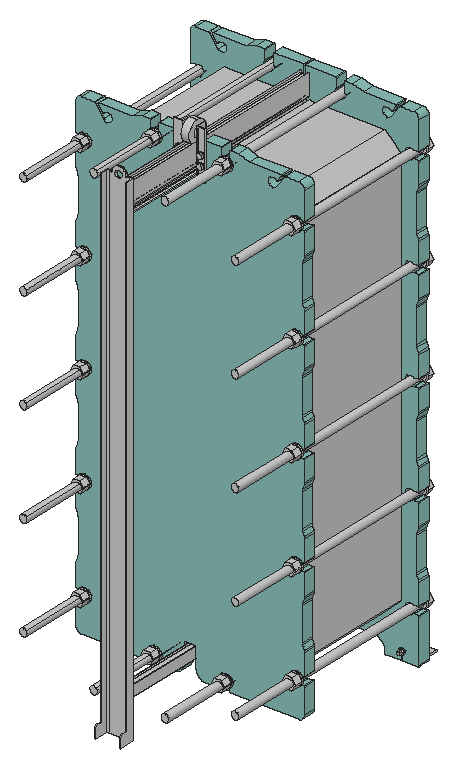
Revit family "MIT 5180 - Heat Exchanger", category Specialty Equipment, Revit 2022 (continued)
Automatic sketch dimensions
  Extrusion 31 sketch curve to Extrusion 31 sketch curve = 13.826 mm  (x3)
  plane 3 "Center (Left/Right)" to Extrusion 31 sketch curve = 20.25 mm
  Extrusion 31 sketch curve to Extrusion 31 sketch curve = 17.844 mm  (x4)
  Extrusion 31 sketch curve to Extrusion 31 sketch curve = 2.982 mm  (x4)
  Extrusion 31 sketch curve to Extrusion 31 sketch curve = 7.25 mm  (x4)
  Extrusion 31 sketch curve to Extrusion 31 sketch curve = 4.452 mm  (x4)
  plane 3 "Center (Left/Right)" to Extrusion 31 sketch curve = 298.00 mm  (x2)
  Extrusion 31 sketch curve to Extrusion 31 sketch curve = 119.50 mm  (x4)
  plane 11 "12" to Extrusion 31 sketch curve = 122.50 mm  (x2)
  Extrusion 31 sketch curve to Extrusion 31 sketch curve = 80.00 mm  (x3)
  Extrusion 31 sketch curve to plane 3 "Center (Left/Right)" = 6.424 mm  (x2)
  Extrusion 31 sketch curve to plane 3 "Center (Left/Right)" = 298.00 mm  (x2)
  level to Extrusion 31 sketch curve = 400.00 mm  (x2)
  Extrusion 31 sketch curve to Extrusion 31 sketch curve = 122.50 mm  (x2)
  Extrusion 31 sketch curve to Extrusion 31 sketch curve = 165.00 mm
  Extrusion 31 sketch curve to Extrusion 31 sketch curve = 3.225 mm  (x4)
  Extrusion 31 sketch curve to Extrusion 31 sketch curve = 5.775 mm  (x4)
  Extrusion 31 sketch curve to Extrusion 31 sketch curve = 12.439 mm  (x2)
  Extrusion 31 sketch curve to Extrusion 31 sketch curve = 10.764 mm  (x4)
  Extrusion 31 sketch curve to Extrusion 31 sketch curve = 8.00 mm  (x4)
  Extrusion 31 sketch curve to Extrusion 31 sketch curve = 5.00 mm  (x3)
  plane 11 "12" to Extrusion 31 sketch curve = 165.00 mm
  plane 3 "Center (Left/Right)" to Extrusion 31 sketch curve = 133.00 mm  (x2)
  Extrusion 31 sketch curve to plane 3 "Center (Left/Right)" = 133.00 mm  (x2)
  Extrusion 32 sketch curve to Extrusion 32 sketch curve = 0.00 mm  (x3)
  Extrusion 11 to Extrusion 32 sketch curve = 15.00 mm  (x2)
  Extrusion 32 sketch curve to Extrusion 11 = 17.00 mm
  Extrusion 32 sketch curve to Extrusion 32 sketch curve = 35.50 mm
  Extrusion 11 to Extrusion 32 sketch curve = 36.70 mm
  Extrusion 32 sketch curve to Extrusion 32 sketch curve = 1.50 mm
  Extrusion 32 sketch curve to Extrusion 11 = 29.80 mm
  Extrusion 32 sketch curve to Extrusion 32 sketch curve = 15.50 mm
  Extrusion 11 to Extrusion 33 sketch curve = 0.00 mm
  Extrusion 33 sketch curve to Extrusion 11 = 0.00 mm
  Extrusion 33 sketch curve to Extrusion 33 sketch curve = 15.00 mm
  Extrusion 33 sketch curve to Extrusion 33 sketch curve = 35.00 mm
  Extrusion 11 to Extrusion 33 sketch curve = 60.00 mm
  Extrusion 34 sketch curve to Extrusion 34 sketch curve = 0.00 mm  (x4)
  level to Extrusion 34 sketch curve = 45.00 mm  (x2)
  plane 5 to Extrusion 34 sketch curve = 495.00 mm
  plane 3 "Center (Left/Right)" to Extrusion 34 sketch curve = 505.00 mm
  Extrusion 34 sketch curve to Extrusion 34 sketch curve = 5.465 mm  (x4)
  Extrusion 34 sketch curve to Extrusion 34 sketch curve = 13.969 mm  (x2)
  Extrusion 36 sketch curve to Extrusion 36 sketch curve = 0.00 mm  (x29)
  Extrusion 36 sketch curve to level = 0.00 mm  (x2)
  Extrusion 36 sketch curve to plane 11 "12" = 0.00 mm  (x2)
  Extrusion 36 sketch curve to plane 3 "Center (Left/Right)" = 0.00 mm  (x4)
  Extrusion 36 sketch curve to plane 3 "Center (Left/Right)" = 185.00 mm  (x2)
  Extrusion 36 sketch curve to Extrusion 36 sketch curve = 65.00 mm  (x2)
  Extrusion 36 sketch curve to plane 3 "Center (Left/Right)" = 298.00 mm  (x2)
  Extrusion 36 sketch curve to Extrusion 36 sketch curve = 54.95 mm  (x2)
  level to Extrusion 36 sketch curve = 75.00 mm
  Extrusion 36 sketch curve to Extrusion 36 sketch curve = 192.50 mm  (x2)
  Extrusion 36 sketch curve to Extrusion 36 sketch curve = 37.50 mm  (x4)
  Extrusion 36 sketch curve to Extrusion 36 sketch curve = 125.05 mm  (x2)
  level to Extrusion 36 sketch curve = 45.00 mm  (x2)
  Extrusion 36 sketch curve to Extrusion 36 sketch curve = 90.00 mm  (x3)
  plane 5 to Extrusion 36 sketch curve = 449.00 mm  (x3)
  Extrusion 36 sketch curve to Extrusion 36 sketch curve = 121.00 mm  (x2)
  Extrusion 36 sketch curve to Extrusion 36 sketch curve = 46.00 mm  (x2)
  Extrusion 36 sketch curve to Extrusion 36 sketch curve = 135.00 mm  (x2)
  plane 3 "Center (Left/Right)" to Extrusion 36 sketch curve = 185.00 mm  (x2)
  plane 3 "Center (Left/Right)" to Extrusion 36 sketch curve = 298.00 mm  (x2)
  Extrusion 36 sketch curve to Extrusion 36 sketch curve = 253.00 mm  (x2)
  Extrusion 36 sketch curve to Extrusion 36 sketch curve = 30.00 mm
  level to Extrusion 36 sketch curve = 120.00 mm  (x2)
  level to Extrusion 36 sketch curve = 139.00 mm
  Extrusion 36 sketch curve to Extrusion 36 sketch curve = 60.00 mm  (x2)
  Extrusion 36 sketch curve to Extrusion 36 sketch curve = 216.00 mm  (x2)
  Extrusion 36 sketch curve to Extrusion 36 sketch curve = 139.00 mm  (x2)
  Extrusion 36 sketch curve to Extrusion 36 sketch curve = 391.00 mm  (x2)
  Extrusion 36 sketch curve to Extrusion 36 sketch curve = 530.00 mm  (x2)
  Extrusion 36 sketch curve to plane 11 "12" = 391.00 mm  (x2)
  plane 11 "12" to Extrusion 36 sketch curve = 139.00 mm  (x2)
  plane 11 "12" to Extrusion 36 sketch curve = 236.00 mm
  Extrusion 36 sketch curve to Extrusion 36 sketch curve = 52.00 mm  (x2)
  Extrusion 36 sketch curve to Extrusion 36 sketch curve = 149.00 mm  (x2)
  Extrusion 36 sketch curve to Extrusion 36 sketch curve = 20.00 mm  (x3)
  plane 11 "12" to Extrusion 36 sketch curve = 75.921 mm  (x2)
  Extrusion 36 sketch curve to plane 3 "Center (Left/Right)" = 158.297 mm  (x2)
  Extrusion 36 sketch curve to Extrusion 36 sketch curve = 113.297 mm  (x2)
  Extrusion 36 sketch curve to plane 11 "12" = 75.921 mm  (x2)
  Extrusion 36 sketch curve to Extrusion 36 sketch curve = 27.50 mm  (x10)
  plane 3 "Center (Left/Right)" to Extrusion 36 sketch curve = 158.297 mm  (x2)
  Extrusion 36 sketch curve to Extrusion 36 sketch curve = 63.079 mm  (x2)
  Extrusion 37 sketch curve to plane 4 = 565.00 mm
  Extrusion 37 sketch curve to Extrusion 37 sketch curve = 30.00 mm  (x3)
  Extrusion 37 sketch curve to Extrusion 37 sketch curve = 14.00 mm  (x3)
  Extrusion 37 sketch curve to Extrusion 37 sketch curve = 0.00 mm  (x5)
  Extrusion 37 sketch curve to Extrusion 37 sketch curve = 135.00 mm  (x2)
  Extrusion 37 sketch curve to Extrusion 37 sketch curve = 125.05 mm  (x2)
  Extrusion 37 sketch curve to Extrusion 37 sketch curve = 54.95 mm  (x2)
  plane 3 "Center (Left/Right)" to Extrusion 37 sketch curve = 185.00 mm
  Extrusion 37 sketch curve to Extrusion 37 sketch curve = 65.00 mm  (x2)
  plane 3 "Center (Left/Right)" to Extrusion 37 sketch curve = 75.00 mm
  Extrusion 37 sketch curve to Extrusion 37 sketch curve = 17.25 mm
  Extrusion 37 sketch curve to Extrusion 37 sketch curve = 16.75 mm  (x2)
  plane 3 "Center (Left/Right)" to Extrusion 37 sketch curve = 30.00 mm
  Extrusion 37 sketch curve to plane 3 "Center (Left/Right)" = 30.00 mm
  Extrusion 37 sketch curve to plane 3 "Center (Left/Right)" = 41.00 mm
  Extrusion 37 sketch curve to Extrusion 37 sketch curve = 34.00 mm
  Extrusion 37 sketch curve to Extrusion 37 sketch curve = 155.00 mm  (x2)
  Extrusion 37 sketch curve to Extrusion 37 sketch curve = 110.00 mm
  plane 5 to Extrusion 37 sketch curve = 449.00 mm  (x3)
  Extrusion 37 sketch curve to Extrusion 37 sketch curve = 366.00 mm
  Extrusion 37 sketch curve to Extrusion 37 sketch curve = 121.00 mm
  level to Extrusion 37 sketch curve = 75.00 mm  (x2)
  level to Extrusion 37 sketch curve = 120.00 mm  (x2)
  Extrusion 37 sketch curve to Extrusion 37 sketch curve = 156.00 mm  (x2)
  Extrusion 37 sketch curve to Extrusion 37 sketch curve = 530.00 mm  (x4)
  Extrusion 37 sketch curve to plane 11 "12" = 391.00 mm  (x2)
  plane 11 "12" to Extrusion 37 sketch curve = 139.00 mm  (x2)
  plane 11 "12" to Extrusion 37 sketch curve = 158.00 mm
  Extrusion 37 sketch curve to Extrusion 37 sketch curve = 77.20 mm  (x2)
  Extrusion 37 sketch curve to Extrusion 37 sketch curve = 50.00 mm  (x2)
  Extrusion 37 sketch curve to Extrusion 37 sketch curve = 149.00 mm  (x2)
  Extrusion 37 sketch curve to Extrusion 37 sketch curve = 2.80 mm  (x2)
  Extrusion 37 sketch curve to Extrusion 37 sketch curve = 17.80 mm  (x2)
  Extrusion 37 sketch curve to Extrusion 37 sketch curve = 20.00 mm  (x2)
  Extrusion 37 sketch curve to Extrusion 37 sketch curve = 55.00 mm  (x2)
  Extrusion 38 sketch curve to Extrusion 38 sketch curve = 0.00 mm  (x8)
  Extrusion 38 sketch curve to plane 11 "12" = 0.00 mm  (x2)
  plane 3 "Center (Left/Right)" to Extrusion 38 sketch curve = 497.50 mm
  level to Extrusion 38 sketch curve = 197.50 mm  (x2)
  Extrusion 38 sketch curve to Extrusion 38 sketch curve = 80.00 mm  (x7)
  Extrusion 38 sketch curve to Extrusion 38 sketch curve = 199.50 mm  (x2)
  plane 3 "Center (Left/Right)" to Extrusion 38 sketch curve = 36.519 mm  (x2)
  Extrusion 38 sketch curve to Extrusion 38 sketch curve = 8.118 mm  (x4)
  plane 3 "Center (Left/Right)" to Extrusion 38 sketch curve = 27.50 mm  (x2)
  Extrusion 38 sketch curve to Extrusion 38 sketch curve = 7.25 mm  (x4)
  plane 3 "Center (Left/Right)" to Extrusion 38 sketch curve = 3.401 mm  (x2)
  Extrusion 38 sketch curve to plane 3 "Center (Left/Right)" = 3.401 mm  (x2)
  Extrusion 38 sketch curve to Extrusion 38 sketch curve = 16.849 mm
  Extrusion 38 sketch curve to plane 3 "Center (Left/Right)" = 20.25 mm
  Extrusion 38 sketch curve to Extrusion 38 sketch curve = 9.102 mm  (x2)
  Extrusion 38 sketch curve to Extrusion 38 sketch curve = 6.421 mm  (x2)
  Extrusion 38 sketch curve to plane 3 "Center (Left/Right)" = 298.00 mm  (x2)
  plane 11 "12" to Extrusion 38 sketch curve = 202.50 mm
  Extrusion 38 sketch curve to Extrusion 38 sketch curve = 119.50 mm  (x2)
  Extrusion 38 sketch curve to Extrusion 38 sketch curve = 5.00 mm  (x2)
  Extrusion 38 sketch curve to Extrusion 38 sketch curve = 8.00 mm  (x4)
  Extrusion 38 sketch curve to Extrusion 38 sketch curve = 10.50 mm  (x2)
  Extrusion 38 sketch curve to Extrusion 38 sketch curve = 14.59 mm
  Extrusion 38 sketch curve to Extrusion 38 sketch curve = 15.291 mm
  Extrusion 38 sketch curve to Extrusion 38 sketch curve = 9.311 mm  (x2)
  Extrusion 38 sketch curve to Extrusion 38 sketch curve = 122.50 mm  (x2)
  plane 11 "12" to Extrusion 38 sketch curve = 122.50 mm
  Extrusion 38 sketch curve to Extrusion 38 sketch curve = 36.901 mm
  Extrusion 38 sketch curve to Extrusion 38 sketch curve = 0.491 mm
  Extrusion 38 sketch curve to Extrusion 38 sketch curve = 12.91 mm
  Extrusion 38 sketch curve to Extrusion 38 sketch curve = 13.00 mm
  Extrusion 38 sketch curve to Extrusion 38 sketch curve = 34.50 mm  (x2)
  Extrusion 38 sketch curve to plane 3 "Center (Left/Right)" = 133.00 mm  (x2)
  Extrusion 39 sketch curve to Extrusion 39 sketch curve = 0.00 mm  (x23)
  Extrusion 39 sketch curve to level = 0.00 mm
  Extrusion 39 sketch curve to plane 3 "Center (Left/Right)" = 0.00 mm  (x4)
  Extrusion 39 sketch curve to plane 3 "Center (Left/Right)" = 185.00 mm  (x2)
  Extrusion 39 sketch curve to Extrusion 39 sketch curve = 245.00 mm  (x2)
  level to Extrusion 39 sketch curve = 45.00 mm  (x2)
  Extrusion 39 sketch curve to Extrusion 39 sketch curve = 320.00 mm  (x2)
  Extrusion 39 sketch curve to Extrusion 39 sketch curve = 121.00 mm  (x2)
  plane 5 to Extrusion 39 sketch curve = 449.00 mm  (x3)
  Extrusion 39 sketch curve to Extrusion 39 sketch curve = 46.00 mm  (x2)
  Extrusion 39 sketch curve to Extrusion 39 sketch curve = 90.00 mm
  plane 3 "Center (Left/Right)" to Extrusion 39 sketch curve = 185.00 mm  (x2)
  Extrusion 39 sketch curve to Extrusion 39 sketch curve = 165.00 mm
  level to Extrusion 39 sketch curve = 120.00 mm  (x2)
  level to Extrusion 39 sketch curve = 139.00 mm
  Extrusion 39 sketch curve to Extrusion 39 sketch curve = 60.00 mm  (x2)
  Extrusion 39 sketch curve to Extrusion 39 sketch curve = 216.00 mm  (x2)
  Extrusion 39 sketch curve to Extrusion 39 sketch curve = 530.00 mm  (x4)
  Extrusion 39 sketch curve to plane 11 "12" = 391.00 mm  (x2)
  plane 11 "12" to Extrusion 39 sketch curve = 139.00 mm  (x2)
  plane 11 "12" to Extrusion 39 sketch curve = 236.00 mm
  Extrusion 39 sketch curve to Extrusion 39 sketch curve = 149.00 mm  (x2)
  Extrusion 39 sketch curve to Extrusion 39 sketch curve = 52.00 mm  (x2)
  Extrusion 39 sketch curve to Extrusion 39 sketch curve = 70.00 mm
  Extrusion 39 sketch curve to Extrusion 39 sketch curve = 27.50 mm  (x10)
  Extrusion 40 sketch curve to plane 4 = 565.00 mm
  plane 3 "Center (Left/Right)" to Extrusion 40 sketch curve = 551.00 mm
  Extrusion 40 sketch curve to Extrusion 40 sketch curve = 0.00 mm  (x5)
  Extrusion 40 sketch curve to Extrusion 40 sketch curve = 44.00 mm  (x2)
  Extrusion 40 sketch curve to Extrusion 40 sketch curve = 165.00 mm  (x2)
  plane 3 "Center (Left/Right)" to Extrusion 40 sketch curve = 185.00 mm  (x2)
  plane 3 "Center (Left/Right)" to Extrusion 40 sketch curve = 57.75 mm
  plane 3 "Center (Left/Right)" to Extrusion 40 sketch curve = 41.00 mm
  plane 3 "Center (Left/Right)" to Extrusion 40 sketch curve = 30.00 mm
  Extrusion 40 sketch curve to plane 3 "Center (Left/Right)" = 30.00 mm
  Extrusion 40 sketch curve to plane 3 "Center (Left/Right)" = 41.00 mm
  Extrusion 40 sketch curve to plane 3 "Center (Left/Right)" = 57.75 mm
  Extrusion 40 sketch curve to Extrusion 40 sketch curve = 155.00 mm  (x2)
  Extrusion 40 sketch curve to Extrusion 40 sketch curve = 127.25 mm
  Extrusion 40 sketch curve to Extrusion 40 sketch curve = 245.00 mm
  plane 5 to Extrusion 40 sketch curve = 449.00 mm  (x3)
  Extrusion 40 sketch curve to Extrusion 40 sketch curve = 121.00 mm
  Extrusion 40 sketch curve to Extrusion 40 sketch curve = 366.00 mm
  level to Extrusion 40 sketch curve = 75.00 mm
  level to Extrusion 40 sketch curve = 120.00 mm  (x2)
  Extrusion 40 sketch curve to Extrusion 40 sketch curve = 186.00 mm  (x2)
  Extrusion 40 sketch curve to Extrusion 40 sketch curve = 530.00 mm  (x4)
  Extrusion 40 sketch curve to plane 11 "12" = 391.00 mm  (x2)
  plane 11 "12" to Extrusion 40 sketch curve = 139.00 mm  (x2)
  plane 11 "12" to Extrusion 40 sketch curve = 158.00 mm
  Extrusion 40 sketch curve to Extrusion 40 sketch curve = 77.20 mm  (x2)
  Extrusion 40 sketch curve to Extrusion 40 sketch curve = 50.00 mm  (x2)
  Extrusion 40 sketch curve to Extrusion 40 sketch curve = 149.00 mm  (x2)
  Extrusion 40 sketch curve to Extrusion 40 sketch curve = 2.80 mm  (x2)
  Extrusion 40 sketch curve to Extrusion 40 sketch curve = 70.00 mm
  Extrusion 40 sketch curve to Extrusion 40 sketch curve = 72.80 mm
  plane 11 "12" to Extrusion 41 sketch curve = 202.50 mm  (x2)
  plane 3 "Center (Left/Right)" to Extrusion 41 sketch curve = 497.50 mm
  plane 3 "Center (Left/Right)" to Extrusion 41 sketch curve = 36.519 mm  (x2)
  Extrusion 41 sketch curve to plane 3 "Center (Left/Right)" = 35.773 mm  (x2)
  Extrusion 41 sketch curve to Extrusion 41 sketch curve = 461.727 mm
  Extrusion 41 sketch curve to Extrusion 41 sketch curve = 36.41 mm
  level to Extrusion 41 sketch curve = 234.401 mm
  Extrusion 41 sketch curve to Extrusion 41 sketch curve = 36.901 mm  (x2)
  Extrusion 42 sketch curve to Extrusion 42 sketch curve = 0.00 mm  (x8)
  Extrusion 42 sketch curve to plane 11 "12" = 0.00 mm  (x2)
  Extrusion 42 sketch curve to plane 3 "Center (Left/Right)" = 298.00 mm  (x2)
  plane 3 "Center (Left/Right)" to Extrusion 42 sketch curve = 298.00 mm  (x2)
  level to Extrusion 42 sketch curve = 400.00 mm  (x2)
  Extrusion 42 sketch curve to Extrusion 42 sketch curve = 115.00 mm  (x4)
  Extrusion 42 sketch curve to plane 3 "Center (Left/Right)" = 183.00 mm  (x2)
  plane 3 "Center (Left/Right)" to Extrusion 42 sketch curve = 183.00 mm  (x2)
  Extrusion 42 sketch curve to plane 11 "12" = 199.186 mm  (x2)
  Extrusion 42 sketch curve to Extrusion 42 sketch curve = 199.186 mm  (x2)
  Extrusion 43 sketch curve to Extrusion 43 sketch curve = 0.00 mm  (x4)
  Extrusion 43 sketch curve to plane 3 "Center (Left/Right)" = 430.00 mm
  plane 3 "Center (Left/Right)" to Extrusion 43 sketch curve = 430.00 mm
  plane 11 "12" to Extrusion 43 sketch curve = 288.00 mm  (x2)
  Extrusion 43 sketch curve to Extrusion 43 sketch curve = 14.302 mm  (x4)
  Extrusion 43 sketch curve to Extrusion 43 sketch curve = 13.255 mm  (x2)
  Extrusion 44 sketch curve to plane 3 "Center (Left/Right)" = 464.058 mm
  Extrusion 44 sketch curve to Extrusion 44 sketch curve = 16.504 mm  (x2)
  Extrusion 44 sketch curve to Extrusion 44 sketch curve = 17.554 mm  (x4)
  Extrusion 44 sketch curve to Extrusion 44 sketch curve = 34.058 mm  (x4)
  plane 3 "Center (Left/Right)" to Extrusion 44 sketch curve = 395.942 mm
  plane 11 "12" to Extrusion 44 sketch curve = 258.202 mm  (x2)
  Extrusion 44 sketch curve to Extrusion 44 sketch curve = 0.606 mm  (x3)
  Extrusion 44 sketch curve to Extrusion 44 sketch curve = 29.192 mm  (x3)
  Extrusion 44 sketch curve to Extrusion 44 sketch curve = 29.798 mm  (x4)
  Extrusion 45 sketch curve to Extrusion 45 sketch curve = 0.00 mm  (x4)
  Extrusion 45 sketch curve to plane 3 "Center (Left/Right)" = 430.00 mm
  plane 3 "Center (Left/Right)" to Extrusion 45 sketch curve = 430.00 mm
  plane 11 "12" to Extrusion 45 sketch curve = 288.00 mm  (x2)
  Extrusion 45 sketch curve to Extrusion 45 sketch curve = 32.33 mm  (x4)
  Extrusion 45 sketch curve to Extrusion 45 sketch curve = 13.407 mm  (x2)
  Extrusion 46 sketch curve to Extrusion 2 = 0.406 mm  (x2)
  Extrusion 46 sketch curve to Extrusion 2 = 118.942 mm
  Extrusion 46 sketch curve to Extrusion 2 = 20.608 mm  (x2)
  Extrusion 46 sketch curve to Extrusion 46 sketch curve = 16.504 mm  (x3)
  Extrusion 2 to Extrusion 46 sketch curve = 14.798 mm  (x2)
  Extrusion 46 sketch curve to Extrusion 46 sketch curve = 17.554 mm  (x3)
  Extrusion 46 sketch curve to Extrusion 2 = 20.002 mm  (x2)
  Extrusion 46 sketch curve to Extrusion 46 sketch curve = 34.058 mm  (x4)
  Extrusion 2 to Extrusion 46 sketch curve = 14.192 mm  (x2)
  Extrusion 2 to Extrusion 46 sketch curve = 0.806 mm  (x2)
  Extrusion 46 sketch curve to Extrusion 2 = 187.058 mm
  Extrusion 47 sketch curve to Extrusion 47 sketch curve = 0.00 mm  (x2)
  Extrusion 47 sketch curve to Extrusion 2 = 1.593 mm  (x2)
  Extrusion 47 sketch curve to Extrusion 2 = 7.607 mm  (x2)
  plane 3 "Center (Left/Right)" to Revolve 48 sketch curve = 454.00 mm
  Revolve 48 sketch curve to Revolve 48 sketch curve = 4.75 mm  (x2)
  plane 9 "Bolt End" to Revolve 48 sketch curve = 18.30 mm
  Revolve 48 sketch curve to Revolve 48 sketch curve = 156.00 mm
  Revolve 48 sketch curve to Revolve 48 sketch curve = 200.00 mm
  plane 1 "Center (Front/Back)" to Revolve 49 sketch curve = 0.00 mm
  Revolve 49 sketch curve to plane 7 "1" = 0.00 mm
  Revolve 49 sketch curve to plane 7 "1" = 3.00 mm
  plane 3 "Center (Left/Right)" to Revolve 49 sketch curve = 454.00 mm
  Revolve 49 sketch curve to Revolve 49 sketch curve = 4.75 mm  (x2)
  Revolve 49 sketch curve to plane 1 "Center (Front/Back)" = 3.00 mm
  plane 9 "Bolt End" to Revolve 49 sketch curve = 18.30 mm
  Revolve 49 sketch curve to Revolve 49 sketch curve = 156.00 mm
  Revolve 49 sketch curve to Revolve 49 sketch curve = 200.00 mm
  plane 1 "Center (Front/Back)" to Revolve 50 sketch curve = 0.00 mm
  Revolve 50 sketch curve to plane 7 "1" = 0.00 mm
  Revolve 50 sketch curve to plane 7 "1" = 3.00 mm
  Revolve 50 sketch curve to plane 3 "Center (Left/Right)" = 142.00 mm
  Revolve 50 sketch curve to Revolve 50 sketch curve = 4.75 mm  (x2)
  Revolve 50 sketch curve to plane 1 "Center (Front/Back)" = 3.00 mm
  plane 9 "Bolt End" to Revolve 50 sketch curve = 18.30 mm
  Revolve 50 sketch curve to Revolve 50 sketch curve = 156.00 mm
  Revolve 50 sketch curve to Revolve 50 sketch curve = 200.00 mm
  plane 1 "Center (Front/Back)" to Revolve 51 sketch curve = 0.00 mm
  Revolve 51 sketch curve to plane 7 "1" = 0.00 mm
  Revolve 51 sketch curve to plane 7 "1" = 3.00 mm
  Revolve 51 sketch curve to plane 3 "Center (Left/Right)" = 142.00 mm
  Revolve 51 sketch curve to Revolve 51 sketch curve = 4.75 mm  (x2)
  Revolve 51 sketch curve to plane 1 "Center (Front/Back)" = 3.00 mm
  plane 9 "Bolt End" to Revolve 51 sketch curve = 18.30 mm
  Revolve 51 sketch curve to Revolve 51 sketch curve = 156.00 mm
  Revolve 51 sketch curve to Revolve 51 sketch curve = 200.00 mm
  radius of Extrusion 1 to Extrusion 6 sketch curve = 4.50 mm  (x2)
  radius of Extrusion 2 to Extrusion 14 sketch curve = 7.50 mm  (x14)
  radius of Extrusion 21 sketch curve = 55.00 mm
  radius of Extrusion 21 sketch curve = 25.00 mm
  radius of Extrusion 22 sketch curve = 24.50 mm
  radius of Extrusion 36 sketch curve = 10.50 mm  (x6)
  radius of Extrusion 36 sketch curve = 27.50 mm  (x4)
  radius of Extrusion 36 sketch curve = 25.00 mm  (x2)
  radius of Extrusion 37 sketch curve = 25.00 mm  (x2)
  radius of Extrusion 37 sketch curve = 27.50 mm  (x14)
  radius of Extrusion 37 sketch curve = 10.50 mm  (x4)
  radius of Extrusion 39 sketch curve = 10.50 mm  (x6)
  radius of Extrusion 39 sketch curve = 27.50 mm  (x4)
  radius of Extrusion 39 sketch curve = 25.00 mm  (x2)
  radius of Extrusion 40 sketch curve = 25.00 mm  (x2)
  radius of Extrusion 40 sketch curve = 27.50 mm  (x14)
  radius of Extrusion 40 sketch curve = 10.50 mm  (x4)
  radius of Extrusion 2 to Extrusion 47 sketch curve = 7.50 mm  (x2)
Connectors
  piping at (-298, 37, 2242), diameter 304.8
    settings: on Extrusion 16, index 1, connector inside diameter 609.6 mm, connector length 0.00 mm, flow factor 0, pipe flow 0.0 L/s, pressure drop 0 bar, fitting loss kfactor 0, connector angle 0.00°, fixture units 0, engagement length 0.00 mm, angle of deflection 0.00°, flow configuration 0, flow direction 2, fitting loss method 0, system type 7, joint type 0, gender type 0, connector reference index -1, connector utility 0, adjustable connector no, is connector primary yes, connector description ""
  piping at (298, 37, 2242), diameter 304.8
    settings: on Extrusion 16, index 2, connector inside diameter 609.6 mm, connector length 0.00 mm, flow factor 0, pipe flow 0.0 L/s, pressure drop 0 bar, fitting loss kfactor 0, connector angle 0.00°, fixture units 0, engagement length 0.00 mm, angle of deflection 0.00°, flow configuration 0, flow direction 1, fitting loss method 0, system type 7, joint type 0, gender type 0, connector reference index -1, connector utility 0, adjustable connector no, is connector primary no, connector description ""
  piping at (-298, 37, 400), diameter 304.8
    settings: on Extrusion 16, index 3, connector inside diameter 609.6 mm, connector length 0.00 mm, flow factor 0, pipe flow 0.0 L/s, pressure drop 0 bar, fitting loss kfactor 0, connector angle 0.00°, fixture units 0, engagement length 0.00 mm, angle of deflection 0.00°, flow configuration 0, flow direction 1, fitting loss method 0, system type 7, joint type 0, gender type 0, connector reference index -1, connector utility 0, adjustable connector no, is connector primary no, connector description ""
  piping at (298, 37, 400), diameter 304.8
    settings: on Extrusion 16, index 4, connector inside diameter 609.6 mm, connector length 0.00 mm, flow factor 0, pipe flow 0.0 L/s, pressure drop 0 bar, fitting loss kfactor 0, connector angle 0.00°, fixture units 0, engagement length 0.00 mm, angle of deflection 0.00°, flow configuration 0, flow direction 2, fitting loss method 0, system type 7, joint type 0, gender type 0, connector reference index -1, connector utility 0, adjustable connector no, is connector primary no, connector description ""
